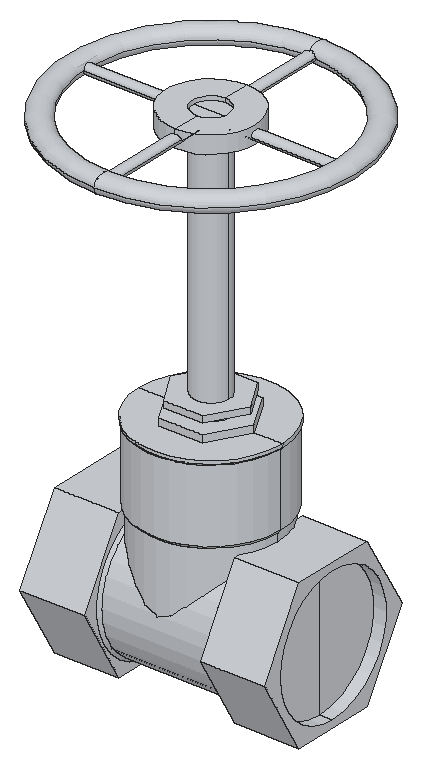
Revit family "PipeAccessories_GateValve_DRBrass_Dura_15-50mm", category Pipe Accessories, Revit 2019
Family settings
  Round Connector Dimension = Use Radius
  Part Type = Valve - Breaks Into
  OmniClass Number = 23.65.55.14.17
  OmniClass Title = Adjusting/Controlling Valves for Liquid Services
  Work Plane-Based = No
  Always vertical = Yes
  Cut with Voids When Loaded = No
  Shared = No
Parameters (values of type "Eagle_Gate Valve_F-F_W_50mm")
  X = L / 2  # 45.50 mm
  WaterTreatmentSystemOperating [instance] = yes
  WaterLevelsSet [instance] = yes
  Uniformat IIElements = "TBC"
  URL = "www.reece.com.au"
  Type Comments = "Dura|s range of valves ensure you have the right valve for the right application;Products range from ball valves and gate valves all the way to butterfly and mechanical valves to ensure you have the solution to meet your specification requirements;"
  StemRadius = R / 3.75  # 6.667 mm
  StemHexNutSmall = StemHexNutBig - 2.50 mm  # 25.50 mm
  StemHexNutBig = BellyRadius + 3.00 mm  # 28.00 mm
  StatutoryRegistrationsAndLabelsComplete [instance] = yes
  SerialNumber [instance] = ""
  Rx = StemRadius + 1.50 mm  # 8.167 mm
  R = D / 2  # 25.00 mm
  ProductCode = "1003235"
  OmniclassProducts = "TBC"
  NATSPECWorkSection = "TBC"
  ModifiedIssue_ANZRS = 20130924.61
  Model Version = "2013-03"
  Model Status [instance] = ""
  Model Specification = "BMA"
  Model = "Eagle_Gate Valve_F-F_W_50mm"
  Description = "The Dura Eagle Tested Gate Valve has a non rising stem;The valve is suitable for a wide variety of applications in mechanical services;domestic water systems; fire protection; hospital equipment and general industrial;services within the pressure range; TheDura Eagle Tested Gate Valve is not recommended for throttling and should be used in the fully open or fully closed position;"
  CreatedBy_ANZRS = "A2K Technologies"
  CreatedByURL_ANZRS = "http://www.bimmepaus.com.au/"
  CommissioningEngineer [instance] = ""
  CommissioningDate [instance] = ""
  BodyMaterial = none
  Mark [instance] = ""
  Manufacturer = "Reece( Dura)"
  L1 = 14.00 mm
  L = 91.00 mm
  Hx = R + 5.30 mm  # 30.30 mm
  HandWheelMaterial = none
  HandWheelDiameter = 100.00 mm
  H = 162.00 mm
  FlangeThickness = 24.00 mm
  FinalHHWFlow [instance] = 0.0 L/s
  FLangeHexSize = D + 5.00 mm  # 55.00 mm
  D = 50.00 mm
  BellyTop = D + 10.40 mm  # 60.40 mm
  BellyRadius = R  # 25.00 mm
  Assembly Code = "D2090800"
Types (6, lengths in mm): name | X | StemRadius | StemHexNutSmall | StemHexNutBig | Rx | R | ProductCode | Model | L | Hx | HandWheelDiameter | H | FlangeThickness | FLangeHexSize | D | BellyTop | BellyRadius
  Eagle_Gate Valve_F-F_W_15mm | 24.00 | 2.00 | 8.00 | 10.50 | 3.50 | 7.50 | "1003200" | "Eagle_Gate Valve_F-F_W_15mm" | 48.00 | 12.80 | 52.00 | 73.00 | 14.00 | 20.00 | 15.00 | 25.40 | 7.50
  Eagle_Gate Valve_F-F_W_50mm | 45.50 | 6.667 | 25.50 | 28.00 | 8.167 | 25.00 | "1003235" | "Eagle_Gate Valve_F-F_W_50mm" | 91.00 | 30.30 | 100.00 | 162.00 | 24.00 | 55.00 | 50.00 | 60.40 | 25.00
  Eagle_Gate Valve_F-F_W_40mm | 38.00 | 5.333 | 20.50 | 23.00 | 6.833 | 20.00 | "1003230" | "Eagle_Gate Valve_F-F_W_40mm" | 76.00 | 25.30 | 78.00 | 128.00 | 20.00 | 45.00 | 40.00 | 50.40 | 20.00
  Eagle_Gate Valve_F-F_W_32mm | 36.50 | 4.267 | 16.50 | 19.00 | 5.767 | 16.00 | "1003225" | "Eagle_Gate Valve_F-F_W_32mm" | 73.00 | 21.30 | 70.00 | 113.00 | 20.00 | 37.00 | 32.00 | 42.40 | 16.00
  Eagle_Gate Valve_F-F_W_25mm | 30.50 | 3.333 | 13.00 | 15.50 | 4.833 | 12.50 | "1003220" | "Eagle_Gate Valve_F-F_W_25mm" | 61.00 | 17.80 | 58.00 | 94.00 | 17.00 | 30.00 | 25.00 | 35.40 | 12.50
  Eagle_Gate Valve_F-F_W_20mm | 26.50 | 2.667 | 10.50 | 13.00 | 4.167 | 10.00 | "1003205" | "Eagle_Gate Valve_F-F_W_20mm" | 53.00 | 15.30 | 58.00 | 89.00 | 15.00 | 25.00 | 20.00 | 30.40 | 10.00
Reference planes
  plane 1 "Center (Front/Back)": y = 0
  plane 2: z = 0
  plane 3 "Center (Left/Right)": x = 0
  plane 4: z = 162
  plane 5 "RHS": x = 45.5
  plane 6 "LHS": x = -45.5
  plane 7: z = 60.4
  plane 8: z = 30.3
Forms (mm)
  Revolve 1, solid, material <- "BodyMaterial", detail levels fine
    sketch origin (0, 0, 0) x (1, 0, 0) y (0, 0, 1)
      loop
        line (0, 0) -> (0, 60.4) -> (0, 162) -> (-6.667, 162) -> (-6.667, 60.4) -> (-26.733, 60.4) -> (-26.733, 59.239) -> (-26.159, 58.665) -> (-26.159, 31.459) -> (-25, 30.3) -> (-25, 0) -> (0, 0)
      axis (0, 162) -> (0, 0)
    angle from 0 to 360
  Extrusion 2, solid, material <- "BodyMaterial", detail levels fine
    sketch origin (0, 0, 0) x (1, 0, 0) y (0, 1, 0)
      loop
        line (-8.083, 14) -> (-16.166, 0) -> (-8.083, -14) -> (8.083, -14) -> (16.166, 0) -> (8.083, 14) -> (-8.083, 14)
    from 60.4 to 63.175
  Extrusion 3, solid, material <- "BodyMaterial", detail levels fine
    sketch origin (0, 0, 0) x (1, 0, 0) y (0, 1, 0)
      loop
        circle (0, 0) r 8.167
    from 63.175 to 66.156
  Extrusion 4, solid, material <- "BodyMaterial", detail levels fine
    sketch origin (0, 0, 0) x (1, 0, 0) y (0, 1, 0)
      loop
        line (-7.361, 12.75) -> (-14.722, 0) -> (-7.361, -12.75) -> (7.361, -12.75) -> (14.722, 0) -> (7.361, 12.75) -> (-7.361, 12.75)
    from 66.156 to 68.526
  Revolve 5, solid, material <- "BodyMaterial", detail levels fine
    sketch origin (0, 0, 0) x (1, 0, 0) y (0, 0, 1)
      loop
        line (-21.5, 26.598) -> (-21.5, 25) -> (21.5, 25) -> (21.5, 26.598) -> (20.338, 25.436) -> (-20.338, 25.436) -> (-21.5, 26.598)
      axis (-21.5, 0) -> (21.5, 0)
    angle from 0 to 360
  Revolve 6, solid, material <- "BodyMaterial", detail levels fine
    sketch origin (0, 0, 0) x (1, 0, 0) y (0, 0, 1)
      loop
        line (-39.878, 0) -> (40.5, 0) -> (40.5, 25) -> (-39.878, 25) -> (-39.878, 0)
      axis (-39.878, 0) -> (40.5, 0)
    angle from 0 to 360
Dimensions and locks
  "H": plane 4 to level
  "BellyRadius": Revolve 1 sketch curve to Revolve 1 sketch curve
  locked: Revolve 1 sketch curve to Revolve 1 sketch curve at 1.159
  locked: Revolve 1 sketch curve to Revolve 1 sketch curve at 0.574
  "StemRadius": Revolve 1 sketch curve to Revolve 1 sketch curve
  equal spacing: Extrusion 4 sketch curve, plane 3 "Center (Left/Right)", Extrusion 4 sketch curve  (x2)
  equal spacing: Extrusion 4 sketch curve, plane 1 "Center (Front/Back)", Extrusion 4 sketch curve
  "StemHexNutSmall": Extrusion 4 sketch curve to Extrusion 4 sketch curve  (x3)
  equal spacing: Extrusion 2 sketch curve, plane 3 "Center (Left/Right)", Extrusion 2 sketch curve  (x2)
  equal spacing: Extrusion 2 sketch curve, nested 1, Extrusion 2 sketch curve
  "StemHexNutBig": Extrusion 2 sketch curve to Extrusion 2 sketch curve  (x3)
  locked: Extrusion 4 to Extrusion 4 at 2.37
  locked: Extrusion 3 to Extrusion 3 at 2.98
  locked: Extrusion 2 to Extrusion 2 at 2.775
  "L": nested 3 to nested 2
  "X": plane 3 "Center (Left/Right)" to nested 2
  "X": nested 3 to plane 3 "Center (Left/Right)"
  locked: Revolve 5 sketch curve to Revolve 5 sketch curve at 1.643  (x2)
  "R": Revolve 5 sketch curve to Revolve 1
  locked: Revolve 5 sketch curve to Revolve 5 sketch curve at 0.436
  locked: Revolve 5 sketch curve to Revolve 5 sketch curve at 1.598  (x2)
  equal spacing: plane 6 "LHS", plane 3 "Center (Left/Right)", plane 5 "RHS"
  "L": plane 6 "LHS" to plane 5 "RHS"
  "BellyTop": plane 7 to level
  "Hx": plane 8 to level
  "R": Revolve 6 sketch curve to plane 2
  locked: plane 5 "RHS" to Revolve 6 sketch curve at 5
  locked: Revolve 6 sketch curve to plane 6 "LHS" at 5.622
  "Rx": radius of Extrusion 3 sketch curve
  angle Extrusion 4 sketch curve to Extrusion 4 sketch curve = 120.00°  (x6)
  angle Extrusion 2 sketch curve to Extrusion 2 sketch curve = 120.00°  (x6)
  aligned and locked: level to plane 2
  aligned and locked: Revolve 1 sketch curve to plane 4
  aligned and locked: Extrusion 3 to Extrusion 2
  aligned and locked: Extrusion 4 to Extrusion 3  (x2)
  aligned and locked: Extrusion 2 to Extrusion 3
  aligned and locked: Revolve 5 sketch curve to nested 3
  aligned and locked: Revolve 5 sketch curve to nested 2
  aligned and locked: Revolve 1 to Extrusion 2
  aligned and locked: plane 7 to Revolve 1 sketch curve
  aligned and locked: plane 8 to Revolve 1 sketch curve
  aligned and locked: plane 3 "Center (Left/Right)" to nested 4
  aligned and locked: plane 1 "Center (Front/Back)" to nested 4
  aligned and locked: Revolve 6 sketch curve to plane 2  (x2)
Automatic sketch dimensions
  Revolve 1 sketch curve to level = 0.00 mm
  Revolve 1 sketch curve to plane 3 "Center (Left/Right)" = 0.00 mm  (x2)
  Revolve 1 sketch curve to plane 7 = 0.00 mm
  Revolve 1 sketch curve to plane 8 = 1.159 mm
  plane 7 to Revolve 1 sketch curve = 1.735 mm
  Revolve 1 sketch curve to Revolve 1 sketch curve = 0.574 mm
  Revolve 1 sketch curve to Revolve 1 sketch curve = 4.827 mm
  Revolve 1 sketch curve to plane 4 = 20.00 mm
  plane 1 "Center (Front/Back)" to Extrusion 3 sketch curve = 0.00 mm
  Extrusion 3 sketch curve to plane 3 "Center (Left/Right)" = 0.00 mm
  Revolve 5 sketch curve to level = 0.00 mm
  Revolve 5 sketch curve to plane 3 "Center (Left/Right)" = 4.393 mm
  plane 3 "Center (Left/Right)" to Revolve 5 sketch curve = 4.03 mm
  Revolve 6 sketch curve to plane 3 "Center (Left/Right)" = 6.372 mm
  plane 3 "Center (Left/Right)" to Revolve 6 sketch curve = 3.628 mm
Nested families
  nested 1: "Hand Wheel" at (0, 0, 160.115) x (0, 1, 0) z (0, 0, 1), type "Hand Wheel", detail levels fine
    with Offset 16.667 mm, O 7.667 mm, Length 6.50 mm, L 39.083 mm, Hand Wheel Rad 50.00 mm, Hand Wheel Dia 100.00 mm, HW Sweep2 3.25 mm, HW Sweep1 4.25 mm, Connecting Rod Rad 6.667 mm, Connecting Rod Dia 13.333 mm
  nested 2: "Family3" at (33.5, 0, 0), type "Family3", detail levels fine
    with Width 24.00 mm, R 25.00 mm, Hex Size 55.00 mm
  nested 3: "Family3" at (-33.5, 0, 0), type "Family3", detail levels fine
    with Width 24.00 mm, R 25.00 mm, Hex Size 55.00 mm
  nested 4: "Gate_Valve_S" at (0, 0, 0), type "Gate_Valve_S", detail levels coarse+medium
    with Width 45.50 mm, Length 91.00 mm
Connectors
  piping at (-45.5, 0, 0), diameter 50, driven by "R"
    settings: on nested 3, index 1, connector inside diameter 15 mm, connector length 0.00 mm, flow factor 0, pipe flow 0.0 L/s, pressure drop 0.0 Pa, fitting loss kfactor 0, connector angle 0.00°, fixture units 0, engagement length 0.00 mm, angle of deflection 0.00°, flow configuration 0, flow direction 0, fitting loss method 0, system type 28, joint type 0, gender type 0, connector reference index 2, connector utility 0, adjustable connector no, is connector primary yes, connector description ""
  piping at (45.5, 0, 0), diameter 50, driven by "R"
    settings: on nested 2, index 2, connector inside diameter 15 mm, connector length 0.00 mm, flow factor 0, pipe flow 0.0 L/s, pressure drop 0.0 Pa, fitting loss kfactor 0, connector angle 0.00°, fixture units 0, engagement length 0.00 mm, angle of deflection 0.00°, flow configuration 0, flow direction 0, fitting loss method 0, system type 28, joint type 0, gender type 0, connector reference index 1, connector utility 0, adjustable connector no, is connector primary no, connector description ""
Definition of nested family "Hand Wheel"
  Parameters
    Sweep = 2.00 mm
    Offset = if(Connecting Rod Rad < 4.00 mm, Connecting Rod Rad * 1.5, Connecting Rod Rad * 2.5)  # 12.50 mm
    O = Connecting Rod Rad + 1.00 mm  # 6.00 mm
    Material = none
    Length = HW Sweep2 * 2  # 5.20 mm
    L = Hand Wheel Rad - (Connecting Rod Rad + HW Sweep1)  # 31.60 mm
    Hand Wheel Rad = Hand Wheel Dia / 2  # 40.00 mm
    Hand Wheel Dia = 80.00 mm
    HW Sweep2 = Hand Wheel Rad * 0.065  # 2.60 mm
    HW Sweep1 = Hand Wheel Rad * 0.085  # 3.40 mm
    Default Elevation = 1219.20 mm
    Connecting Rod Rad = Connecting Rod Dia / 2  # 5.00 mm
    Connecting Rod Dia = 10.00 mm
  Reference planes
    plane 1 "Center (Front/Back)": y = 0
    plane 2: z = 0
    plane 3 "Center (Left/Right)": x = 0
  Forms (mm)
    Sweep 1, solid, material <- "Material"
      path origin (0, 0, 0) x (1, 0, 0) y (0, 1, 0)
        loop
          circle (0, 0) r 40
      profile origin (40, 0, 0) x (-1, 0, 0) y (0, 0, 1)
        loop
          spline (3.4, 0) -> (3.284, 0.673) -> (2.944, 1.3) -> (2.404, 1.838) -> (1.7, 2.252) -> (0.88, 2.511) -> (0, 2.6) -> (-0.88, 2.511) -> (-1.7, 2.252) -> (-2.404, 1.838) -> (-2.944, 1.3) -> (-3.284, 0.673) -> (-3.4, 0)
          spline (-3.4, 0) -> (-3.284, -0.673) -> (-2.944, -1.3) -> (-2.404, -1.838) -> (-1.7, -2.252) -> (-0.88, -2.511) -> (0, -2.6) -> (0.88, -2.511) -> (1.7, -2.252) -> (2.404, -1.838) -> (2.944, -1.3) -> (3.284, -0.673) -> (3.4, 0)
    Revolve 2, solid, material <- "Material"
      sketch origin (0, 0, 0) x (1, 0, 0) y (0, 0, 1)
        loop
          line (5, 2.6) -> (5, -2.6) -> (12.5, -2.6) -> (12.5, 2.6) -> (5, 2.6)
        axis (0, 2.6) -> (0, -2.6)
      angle from 0 to 360
    Sweep 3, solid, material <- "Material"
      path origin (-1.272, 0, 0) x (1, 0, 0) y (0, 1, 0)
        loop
          line (-36.328, 0) -> (-4.728, 0)
      profile origin (-21.8, 0, 0) x (0, 1, 0) y (0, 0, 1)
        loop
          spline (1.7, 0) -> (1.642, 0.336) -> (1.472, 0.65) -> (1.202, 0.919) -> (0.85, 1.126) -> (0.44, 1.256) -> (0, 1.3) -> (-0.44, 1.256) -> (-0.85, 1.126) -> (-1.202, 0.919) -> (-1.472, 0.65) -> (-1.642, 0.336) -> (-1.7, 0)
          spline (-1.7, 0) -> (-1.642, -0.336) -> (-1.472, -0.65) -> (-1.202, -0.919) -> (-0.85, -1.126) -> (-0.44, -1.256) -> (0, -1.3) -> (0.44, -1.256) -> (0.85, -1.126) -> (1.202, -0.919) -> (1.472, -0.65) -> (1.642, -0.336) -> (1.7, 0)
    Sweep 4, solid, material <- "Material"
      path origin (1.272, 0, 0) x (-1, 0, 0) y (0, 1, 0)
        loop
          line (-36.328, 0) -> (-4.728, 0)
      profile origin (21.8, 0, 0) x (0, -1, 0) y (0, 0, 1)
        loop
          spline (-1.7, 0) -> (-1.642, -0.336) -> (-1.472, -0.65) -> (-1.202, -0.919) -> (-0.85, -1.126) -> (-0.44, -1.256) -> (0, -1.3) -> (0.44, -1.256) -> (0.85, -1.126) -> (1.202, -0.919) -> (1.472, -0.65) -> (1.642, -0.336) -> (1.7, 0)
          spline (1.7, 0) -> (1.642, 0.336) -> (1.472, 0.65) -> (1.202, 0.919) -> (0.85, 1.126) -> (0.44, 1.256) -> (0, 1.3) -> (-0.44, 1.256) -> (-0.85, 1.126) -> (-1.202, 0.919) -> (-1.472, 0.65) -> (-1.642, 0.336) -> (-1.7, 0)
    Sweep 5, solid, material <- "Material"
      path origin (0, 1.272, 0) x (0, -1, 0) y (1, 0, 0)
        loop
          line (-36.328, 0) -> (-4.728, 0)
      profile origin (0, 21.8, 0) x (1, 0, 0) y (0, 0, 1)
        loop
          spline (1.7, 0) -> (1.642, 0.336) -> (1.472, 0.65) -> (1.202, 0.919) -> (0.85, 1.126) -> (0.44, 1.256) -> (0, 1.3) -> (-0.44, 1.256) -> (-0.85, 1.126) -> (-1.202, 0.919) -> (-1.472, 0.65) -> (-1.642, 0.336) -> (-1.7, 0)
          spline (-1.7, 0) -> (-1.642, -0.336) -> (-1.472, -0.65) -> (-1.202, -0.919) -> (-0.85, -1.126) -> (-0.44, -1.256) -> (0, -1.3) -> (0.44, -1.256) -> (0.85, -1.126) -> (1.202, -0.919) -> (1.472, -0.65) -> (1.642, -0.336) -> (1.7, 0)
    Sweep 6, solid, material <- "Material"
      path origin (0, -1.272, 0) x (0, 1, 0) y (-1, 0, 0)
        loop
          line (-36.328, 0) -> (-4.728, 0)
      profile origin (0, -21.8, 0) x (-1, 0, 0) y (0, 0, 1)
        loop
          spline (-1.7, 0) -> (-1.642, -0.336) -> (-1.472, -0.65) -> (-1.202, -0.919) -> (-0.85, -1.126) -> (-0.44, -1.256) -> (0, -1.3) -> (0.44, -1.256) -> (0.85, -1.126) -> (1.202, -0.919) -> (1.472, -0.65) -> (1.642, -0.336) -> (1.7, 0)
          spline (1.7, 0) -> (1.642, 0.336) -> (1.472, 0.65) -> (1.202, 0.919) -> (0.85, 1.126) -> (0.44, 1.256) -> (0, 1.3) -> (-0.44, 1.256) -> (-0.85, 1.126) -> (-1.202, 0.919) -> (-1.472, 0.65) -> (-1.642, 0.336) -> (-1.7, 0)
  Cuts and joins
    joined: Sweep 1, Sweep 3, Sweep 4, Sweep 5, Sweep 6
  Dimensions and locks
    "HW Sweep2": Sweep 1 sketch curve to profile plane
    "HW Sweep1": profile plane to Sweep 1 sketch curve
    "L": Sweep 3 sketch curve to Sweep 3 sketch curve
    "HW Sweep1": Sweep 3 sketch curve to Sweep 3 sketch curve
    "HW Sweep2": Sweep 3 sketch curve to Sweep 3 sketch curve
    "O": Sweep 3 sketch curve to plane 3 "Center (Left/Right)"
    "L": Sweep 4 sketch curve to Sweep 4 sketch curve
    "HW Sweep1": Sweep 4 sketch curve to Sweep 4 sketch curve
    "HW Sweep2": Sweep 4 sketch curve to Sweep 4 sketch curve
    "O": plane 3 "Center (Left/Right)" to Sweep 4 sketch curve
    "L": Sweep 5 sketch curve to Sweep 5 sketch curve
    "HW Sweep1": Sweep 5 sketch curve to Sweep 5 sketch curve
    "HW Sweep2": Sweep 5 sketch curve to Sweep 5 sketch curve
    "L": Sweep 6 sketch curve to Sweep 6 sketch curve
    "HW Sweep1": Sweep 6 sketch curve to Sweep 6 sketch curve
    "HW Sweep2": Sweep 6 sketch curve to Sweep 6 sketch curve
    "O": plane 1 "Center (Front/Back)" to Sweep 5 sketch curve
    "O": Sweep 6 sketch curve to plane 1 "Center (Front/Back)"
    "Connecting Rod Rad": Revolve 2 sketch curve to Revolve 2 sketch curve
    "Length": Revolve 2 sketch curve to Revolve 2 sketch curve
    equal spacing: Revolve 2 sketch curve, level, Revolve 2 sketch curve
    "Offset": Revolve 2 sketch curve to plane 3 "Center (Left/Right)"
    "Hand Wheel Rad": radius of Sweep 1 sketch curve
    aligned and locked: plane 2 to level
  Automatic sketch dimensions
    plane 1 "Center (Front/Back)" to Sweep 1 sketch curve = 0.00 mm
    Sweep 1 sketch curve to plane 3 "Center (Left/Right)" = 0.00 mm
    Sweep 1 sketch curve to level = 0.00 mm
    Sweep 1 sketch curve to profile plane = 0.00 mm
    Revolve 2 sketch curve to plane 3 "Center (Left/Right)" = 0.00 mm
    Revolve 2 sketch curve to level = 609.60 mm
    Revolve 2 sketch curve to Revolve 2 sketch curve = 2607.073 mm
    plane 1 "Center (Front/Back)" to Sweep 3 sketch curve = 0.00 mm
    Sweep 3 sketch curve to level = 0.00 mm
    Sweep 3 sketch curve to profile plane = 0.00 mm
    plane 1 "Center (Front/Back)" to Sweep 4 sketch curve = 0.00 mm
    Sweep 4 sketch curve to level = 0.00 mm
    Sweep 4 sketch curve to profile plane = 0.00 mm
    Sweep 5 sketch curve to plane 3 "Center (Left/Right)" = 0.00 mm
    Sweep 5 sketch curve to level = 0.00 mm
    profile plane to Sweep 5 sketch curve = 0.00 mm
    Sweep 6 sketch curve to plane 3 "Center (Left/Right)" = 0.00 mm
    Sweep 6 sketch curve to level = 0.00 mm
    Sweep 6 sketch curve to profile plane = 0.00 mm
Definition of nested family "Family3"
  Parameters
    Width = 14.00 mm
    R = 6.258 mm
    Material = none
    Hex Size = 20.00 mm
  Reference planes
    plane 1 "Center (Front/Back)": y = 0
    plane 2: z = 0
    plane 3 "Center (Left/Right)": x = 0
  Forms (mm)
    Extrusion 1, solid, material <- "Material"
      sketch origin (-125, 0, 0) x (0, 0, -1) y (0, 1, 0)
        loop
          line (0, 11.547) -> (-10, 5.774) -> (-10, -5.774) -> (0, -11.547) -> (10, -5.774) -> (10, 5.774) -> (0, 11.547)
        loop
          circle (0, 0) r 6.258
      from 118 to 132
  Dimensions and locks
    "Hex Size": Extrusion 1 sketch curve to Extrusion 1 sketch curve  (x3)
    equal spacing: Extrusion 1 sketch curve, level, Extrusion 1 sketch curve
    equal spacing: Extrusion 1 sketch curve, plane 1 "Center (Front/Back)", Extrusion 1 sketch curve  (x2)
    "Width": Extrusion 1 to Extrusion 1
    equal spacing: Extrusion 1, plane 3 "Center (Left/Right)", Extrusion 1
    "R": radius of Extrusion 1 sketch curve
    angle Extrusion 1 sketch curve to Extrusion 1 sketch curve = 120.00°  (x6)
    aligned and locked: level to plane 2
  Automatic sketch dimensions
    Extrusion 1 sketch curve to level = 0.00 mm  (x2)
    Extrusion 1 sketch curve to plane 1 "Center (Front/Back)" = 0.00 mm
Definition of nested family "Gate_Valve_S"
  Parameters
    Width = 24.00 mm
    Length = 48.00 mm
  Reference planes
    plane 1 "Center (Front/Back)": y = 0
    plane 2: z = 0
    plane 3 "Center (Left/Right)": x = 0
  Lines and regions (mm)
    model lines
      curve 1: line (-24, -12, 0) -> (-24, 12, 0)
      curve 2: line (24, -12, 0) -> (24, 12, 0)
      curve 3: line (24, -12, 0) -> (-24, 12, 0)
      curve 4: line (-24, -12, 0) -> (24, 12, 0)
  Dimensions and locks
    equal spacing: curve 1, plane 3 "Center (Left/Right)", curve 2
    "Length": curve 1 to curve 2
    "Width": curve 2 to curve 2
    equal spacing: curve 2, plane 1 "Center (Front/Back)", curve 2
    "Width": curve 1 to curve 1
    equal spacing: curve 1, plane 1 "Center (Front/Back)", curve 1
    aligned and locked: level to plane 2
